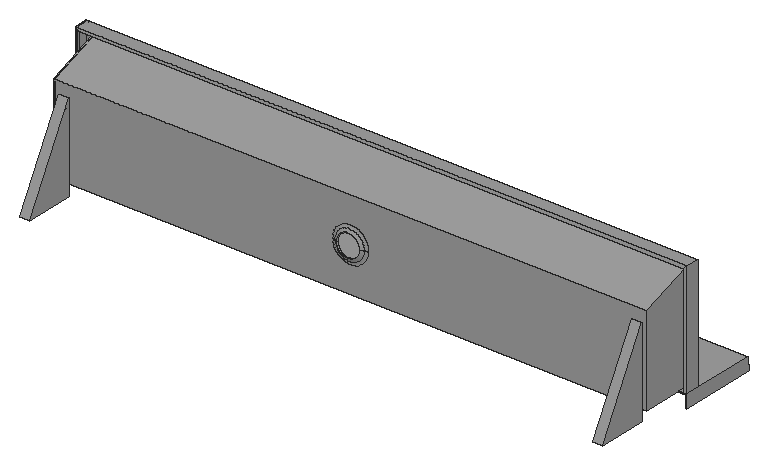
Revit family "equip-sink-elkay-sta-wall-ewma", category Plumbing Fixtures, host Face, Revit 2019 (continued)
Types (8): name | Sink Edge Right to Faucet 4 Hole B | Sink Edge Left to Faucet 1 Hole A | Specification Sheet URL | Sink Part | Sink Length | Hidden Length | Faucet 4 Hole B to Rough-In Water Supply CL 4 | Faucet 4 Hole B to Faucet 4 CL | Rough-In Water Supply Installation Height | Model | Hole Radius | Faucet 4 Hole B to A | Faucet 4 Hole A Front | Faucet 3 Rough-In Water Supply CL Separation | Faucet 3 Hole B to Rough-In Water Supply CL 3 | Faucet 3 Hole B to Faucet 3 CL | Faucet 3 Hole B to A | Faucet 3 Hole B from CL | Faucet 3 Hole B Front | Faucet 3 Hole A Front | Faucet 2 Rough-In Water Supply CL Separation | Faucet 2 Hole B from Hole A | Faucet 2 Hole B Front | Faucet 2 Hole A to Rough-In Water Supply CL 2 | Faucet 2 Hole A to Faucet 2 CL | Faucet 2 Hole A Front | Faucet 2 Hole A From CL | Faucet Hole Dia | Faucet 1 Hole B Front | Faucet 1 Hole A to Rough-In Water Supply CL 1 | Faucet 1 Hole A to Faucet 1 CL | Faucet 1 Hole A to B | Drain CL LR to Left Bowl Edge | Rough-In Water Supply CL Separation | Bowl Length
  EWMA60206 | 0' - 6" | 0' - 6" | "http://www.elkayusa.com/cps/rde/xbcr/elkay/03-25F_EWMA6020C_EWMA7220C.pdf" | "EWMA60206" | 5' - 0" | 5' - 0" | 0' - 4" | 0' - 4" | 3' - 6" | "EWMA60206\"" | 0' - 0 3/4" | 0' - 8" | 0' - 0 1/4" | 0' - 1 1/4" | 0' - 0 1/32" | 0' - 1" | 0' - 2" | 0' - 9" | 0' - 0 1/8" | 0' - 0 1/8" | 0' - 8" | 0' - 8" | 0' - 0 1/4" | 0' - 4" | 0' - 4" | 0' - 0 1/4" | 0' - 4" | 0' - 1 1/2" | 0' - 0 1/4" | 0' - 4" | 0' - 4" | 0' - 8" | 2' - 4 1/4" | 0' - 8" | 4' - 8 1/2"
  EWMA72206 | 0' - 8" | 0' - 8" | "http://www.elkayusa.com/cps/rde/xbcr/elkay/03-25F_EWMA6020C_EWMA7220C.pdf" | "EWMA72206" | 6' - 0" | 6' - 0" | 0' - 4" | 0' - 4" | 3' - 6" | "EWMA72206\"" | 0' - 0 3/4" | 0' - 8" | 0' - 0 1/4" | 0' - 1 1/4" | 0' - 0 1/32" | 0' - 1" | 0' - 2" | 0' - 9" | 0' - 0 1/8" | 0' - 0 1/8" | 0' - 8" | 0' - 8" | 0' - 0 1/4" | 0' - 4" | 0' - 4" | 0' - 0 1/4" | 0' - 4" | 0' - 1 1/2" | 0' - 0 1/4" | 0' - 4" | 0' - 4" | 0' - 8" | 2' - 10 1/4" | 0' - 8" | 5' - 8 1/2"
  EWMA96208 | 0' - 8" | 0' - 8" | "http://www.elkayusa.com/cps/rde/xbcr/elkay/03-17J_EWMA9620C.pdf" | "EWMA96208" | 8' - 0" | 8' - 0" | 0' - 4" | 0' - 4" | 3' - 6" | "EWMA96208" | 0' - 0 3/4" | 0' - 8" | 0' - 0 1/4" | 0' - 8" | 0' - 4" | 0' - 4" | 0' - 8" | 1' - 4" | 0' - 0 1/4" | 0' - 0 1/4" | 0' - 8" | 0' - 8" | 0' - 0 1/4" | 0' - 4" | 0' - 8" | 0' - 0 1/4" | 1' - 4" | 0' - 1 1/2" | 0' - 0 1/4" | 0' - 4" | 0' - 4" | 0' - 8" | 3' - 10 1/4" | 0' - 8" | 7' - 8 1/2"
  EWMA96204 | 1' - 0" | 1' - 0" | "http://www.elkayusa.com/cps/rde/xbcr/elkay/03-17J_EWMA9620C.pdf" | "EWMA96204" | 8' - 0" | 8' - 0" | 0' - 0" | 0' - 0 1/32" | 0' - 8 5/8" | "EWMA96204" | 0' - 0 3/4" | 0' - 2" | 0' - 0 1/8" | 0' - 7" | 0' - 0" | 0' - 0 1/32" | 0' - 2" | 1' - 0" | 0' - 0 1/4" | 0' - 0 1/8" | 0' - 7" | 0' - 2" | 0' - 0 1/8" | 0' - 0" | 0' - 0 1/32" | 0' - 0 1/4" | 1' - 0" | 0' - 1 1/2" | 0' - 0 1/8" | 0' - 0" | 0' - 0 1/32" | 0' - 2" | 3' - 10 1/4" | 0' - 7" | 7' - 8 1/2"
